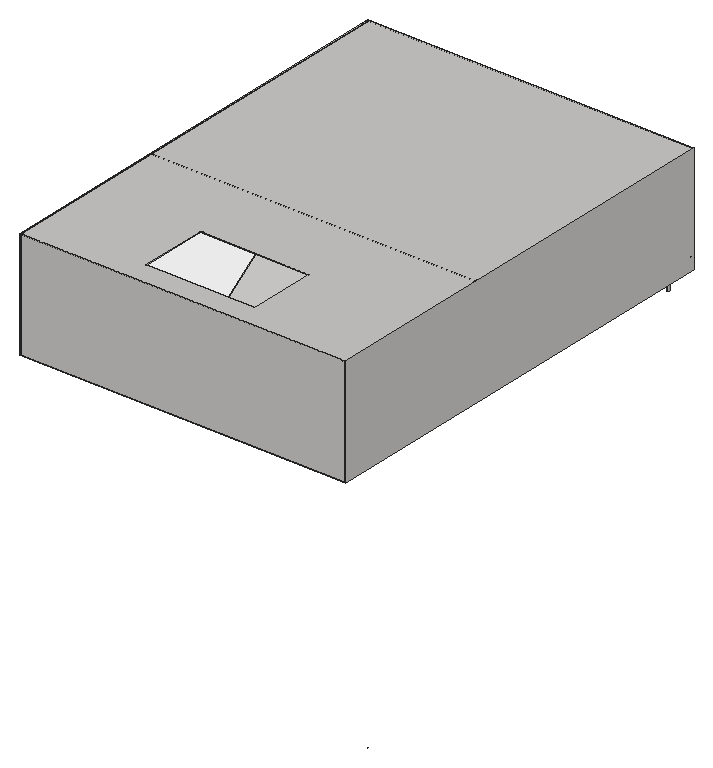
Revit family "QF_ELECTROLUXPROFESSIONAL_641233_EPF1612", category Specialty Equipment, Revit 2014
Reference planes
  plane 1: z = 0
  plane 2 "Center (Left/Right)": x = 150
  plane 3 "LEFT": x = -450
  plane 4 "RIGHT": x = 750
  plane 5 "BACK": y = 550
  plane 6 "TOP": z = 2400
  plane 7 "Base": z = 2000
  plane 8: z = 1970
  plane 9 "DrainY": y = 450
  plane 10: x = -447
  plane 11: y = -720
  plane 12: y = -970
  plane 13 "DrainX": x = 737
  plane 14 "AOLeft": x = -50
  plane 15 "AORight": x = 350
  plane 16: x = 747
  plane 17: x = -250
  plane 18: x = 550
  plane 19: through (0, -449.6, 2399.19) normal (0, -0.5736, 0.8192)
  plane 20: x = 50
  plane 21: x = 250
  plane 22 "Center (Front/Back)": y = -250
  plane 23 "Front": y = -1050
Forms (mm)
  Extrusion 1, solid, material "QF_Finishes_Stainless Steel"
    sketch origin (-450, 0, 360) x (0, 1, 0) y (0, 0, 1)
      loop
        line (550, 1640) -> (550, 2040) -> (-1050, 2040) -> (-1050, 1640) -> (550, 1640)
    from 0 to 3
  Extrusion 2, solid, material "QF_Finishes_Stainless Steel"
    sketch origin (750, 0, 360) x (0, 1, 0) y (0, 0, 1)
      loop
        line (550, 1640) -> (550, 2040) -> (-1050, 2040) -> (-1050, 1640) -> (550, 1640)
    from 0 to -3
  Extrusion 3, solid, material "QF_Finishes_Stainless Steel"
    sketch origin (150, 0, 360) x (0, 1, 0) y (0, 0, 1)
      loop
        line (-1050, 2040) -> (-1050, 1640) -> (-1040, 1640) -> (-1040, 1640.8) -> (-1049.2, 1640.8) -> (-1049.2, 2039.19) -> (549.2, 2039.19) -> (549.2, 1640.8) -> (540, 1640.8) -> (540, 1640) -> (550, 1640) -> (550, 2040) -> (-1050, 2040)
    from -600 to 600
  Extrusion 4, solid, material "QF_Finishes_Stainless Steel"
    sketch origin (0, 0, 2000) x (0, 1, 0) y (-1, 0, 0)
      loop
        circle (450, -737) r 4.763
    from -30 to 0
  Extrusion 5, void
    sketch origin (0, 0, 2400) x (0, 1, 0) y (-1, 0, 0)
      loop
        line (-720, -350) -> (-720, 50) -> (-970, 50) -> (-970, -350) -> (-720, -350)
    from 0 to -10
  Extrusion 6, solid, material "QF_Finishes_Stainless Steel"
    sketch origin (0, 0, 0) x (1, 0, 0) y (0, 1, 0)
      loop
        line (-450, 550) -> (-450, 549) -> (-449, 549) -> (-449, 550) -> (-450, 550)
    from 0 to 1
  Extrusion 7, solid, material "QF_Finishes_Stainless Steel"
    sketch origin (150, 0, 360) x (0, 1, 0) y (0, 0, 1)
      loop
        line (-531.515, 1981.832) -> (-534.381, 1985.926) -> (-973.276, 1678.608) -> (-970.553, 1674.415) -> (-531.515, 1981.832)
    from -400 to -597
  Extrusion 8, solid, material "QF_Finishes_Stainless Steel"
    sketch origin (150, 0, 360) x (0, 1, 0) y (0, 0, 1)
      loop
        line (-1050, 2039.19) -> (-1050, 1640) -> (-1019.702, 1640) -> (-970.553, 1674.415) -> (-978.723, 1686.995) -> (-979.394, 1686.559) -> (-971.645, 1674.627) -> (-1019.955, 1640.8) -> (-1049.2, 1640.8) -> (-1049.2, 2039.19) -> (-1050, 2039.19)
      loop
        line (-449.6, 2039.19) -> (-450.995, 2039.19) -> (-531.319, 1982.947) -> (-539.464, 1994.578) -> (-540.119, 1994.12) -> (-531.515, 1981.832) -> (-449.6, 2039.19)
    from -597 to 597
  Extrusion 9, solid, material "QF_Finishes_Stainless Steel"
    sketch origin (150, 0, 360) x (0, 1, 0) y (0, 0, 1)
      loop
        line (-531.515, 1981.832) -> (-534.381, 1985.926) -> (-973.276, 1678.608) -> (-970.553, 1674.415) -> (-531.515, 1981.832)
    from 597 to 400
  Extrusion 10, solid, material "QF_Finishes_Stainless Steel"
    sketch origin (150, 0, 360) x (0, 1, 0) y (0, 0, 1)
      loop
        line (-531.515, 1981.832) -> (-534.381, 1985.926) -> (-973.276, 1678.608) -> (-970.553, 1674.415) -> (-531.515, 1981.832)
    from -100 to 100
  Extrusion 11, solid, material "QF_Finished_Chrome"
    sketch origin (150, 0, 360) x (0, 1, 0) y (0, 0, 1)
      loop
        line (-531.515, 1981.832) -> (-534.381, 1985.926) -> (-973.276, 1678.608) -> (-970.553, 1674.415) -> (-531.515, 1981.832)
    from -400 to -100
  Extrusion 12, solid, material "QF_Finished_Chrome"
    sketch origin (150, 0, 360) x (0, 1, 0) y (0, 0, 1)
      loop
        line (-531.515, 1981.832) -> (-534.381, 1985.926) -> (-973.276, 1678.608) -> (-970.553, 1674.415) -> (-531.515, 1981.832)
    from 100 to 400
  Sweep 13, solid, material "QF_Finishes_Stainless Steel"
    path origin (0, 0, 0) x (1, 0, 0) y (0, 1, 0)
      loop
        line (750, 550) -> (-450, 550) -> (-450, -1050) -> (750, -1050) -> (750, 550)
    profile origin (750, -250, 0) x (1, 0, 0) y (0, 0, 1)
      loop
        line (-3, 2000) -> (-3, 2000.8) -> (-19, 2000.8) -> (-19, 2010) -> (-20, 2010) -> (-20, 2000) -> (-3, 2000)
  Extrusion 14, solid, material "QF_Finishes_Stainless Steel"
    sketch origin (150, 0, 0) x (0, 1, 0) y (0, 0, 1)
      loop
        line (108.687, 2305.487) -> (549.2, 2040.8) -> (549.2, 2041.733) -> (109.285, 2306.061) -> (-443.438, 2399.19) -> (-445.739, 2399.19) -> (108.687, 2305.487)
    from -597 to 597
Cuts and joins
  Extrusion 5 cuts Extrusion 3
  joined: Extrusion 2, Extrusion 3, Sweep 13
Lines and regions (mm)
  symbolic lines, style "SpecialityEquipment", detail levels coarse
    curve 1: line (750, 550, 2400) -> (-450, 550, 2400)
    curve 2: line (-450, 550, 2400) -> (-450, -1050.8, 2400)
    curve 3: line (750, -1050.8, 2400) -> (750, 550, 2400)
    curve 4: line (350, -970, 2400) -> (-50, -970, 2400)
    curve 5: line (350, -720, 2400) -> (350, -970, 2400)
    curve 6: line (-50, -720, 2400) -> (350, -720, 2400)
    curve 7: line (-50, -970, 2400) -> (-50, -720, 2400)
    curve 8: line (-450, 550, 0) -> (750, -1050, 0)
    curve 9: line (750, 550, 0) -> (-450, -1050, 0)
  symbolic lines, detail levels coarse
    curve 10: line (-450, -1050, 0) -> (750, -1050, 0)
    curve 11: line (-50, -720, 0) -> (-50, -970, 0)
    curve 12: line (350, -720, 0) -> (-50, -720, 0)
    curve 13: line (350, -970, 0) -> (350, -720, 0)
    curve 14: line (-50, -970, 0) -> (350, -970, 0)
Dimensions and locks
  plane 3 "LEFT" to plane 4 "RIGHT" = 1200 mm
  equal spacing: plane 3 "LEFT", plane 2 "Center (Left/Right)", plane 4 "RIGHT"
  plane 7 "Base" to plane 8 = 30 mm
  plane 5 "BACK" to plane 9 "DrainY" = 100 mm  (x2)
  plane 3 "LEFT" to plane 10 = 3 mm
  plane 13 "DrainX" to plane 4 "RIGHT" = 13 mm
  plane 16 to plane 4 "RIGHT" = 3 mm
  plane 3 "LEFT" to plane 17 = 200 mm
  plane 18 to plane 4 "RIGHT" = 200 mm
  locked: plane 14 "AOLeft" to plane 15 "AORight" at 400
  equal spacing: plane 14 "AOLeft", plane 2 "Center (Left/Right)", plane 15 "AORight"
  locked: plane 7 "Base" to level at 2000
  locked: plane 6 "TOP" to plane 7 "Base" at 400
  locked: plane 20 to plane 21 at 200
  equal spacing: plane 20, plane 2 "Center (Left/Right)", plane 21
  locked: plane 11 to plane 12 at 250
  plane 5 "BACK" to plane 23 "Front" = 1600 mm  (x2)
  equal spacing: plane 5 "BACK", plane 22 "Center (Front/Back)", plane 23 "Front"
  plane 12 to plane 23 "Front" = 80 mm
  aligned and locked: level to plane 1
  aligned and locked: plane 4 "RIGHT" to Extrusion 3
  aligned and locked: Extrusion 3 to plane 3 "LEFT"
  aligned and locked: Extrusion 5 to plane 14 "AOLeft"
  aligned and locked: Extrusion 5 to plane 12
  aligned and locked: Extrusion 5 to plane 11
  aligned and locked: Extrusion 7 to plane 10
  aligned and locked: Extrusion 7 to plane 17
  aligned and locked: Extrusion 2 to plane 16
  aligned and locked: Extrusion 5 to plane 15 "AORight"
  aligned and locked: plane 15 "AORight" to curve 5
  aligned and locked: plane 16 to Extrusion 9
  aligned and locked: plane 18 to Extrusion 9
  aligned and locked: Extrusion 10 to plane 21
  aligned and locked: Extrusion 10 to plane 20
  aligned and locked: Extrusion 11 to plane 20
  aligned and locked: plane 17 to Extrusion 11
  aligned and locked: Extrusion 12 to plane 21
  aligned and locked: Extrusion 12 to plane 18
  aligned and locked: Extrusion 14 to plane 10
  aligned and locked: plane 16 to Extrusion 14
  aligned and locked: Extrusion 8 to plane 10
  aligned and locked: Extrusion 8 to plane 16
  aligned and locked: Extrusion 1 to plane 23 "Front"
Automatic sketch dimensions
  curve 2 to plane 3 "LEFT" = 0 mm
  curve 4 to plane 12 = 0 mm
  plane 11 to curve 6 = 0 mm
  curve 2 to plane 5 "BACK" = 0 mm
  curve 4 to plane 14 "AOLeft" = 0 mm
  Extrusion 1 sketch curve to plane 7 "Base" = 0 mm
  Extrusion 1 sketch curve to plane 5 "BACK" = 0 mm
  Extrusion 1 sketch curve to plane 6 "TOP" = 0 mm
  Extrusion 2 sketch curve to plane 7 "Base" = 0 mm
  Extrusion 2 sketch curve to plane 5 "BACK" = 0 mm
  Extrusion 2 sketch curve to plane 6 "TOP" = 0 mm
  Extrusion 3 sketch curve to plane 6 "TOP" = 0 mm
  Extrusion 3 sketch curve to plane 7 "Base" = 0 mm  (x2)
  Extrusion 3 sketch curve to plane 5 "BACK" = 0 mm
  Extrusion 3 sketch curve to Extrusion 3 sketch curve = 9.2 mm
  plane 7 "Base" to Extrusion 3 sketch curve = 0.8 mm  (x2)
  Extrusion 3 sketch curve to plane 5 "BACK" = 10 mm
  Extrusion 3 sketch curve to plane 5 "BACK" = 0.8 mm
  Extrusion 3 sketch curve to plane 6 "TOP" = 0.81 mm
  Extrusion 4 sketch curve to plane 9 "DrainY" = 0 mm
  Extrusion 4 sketch curve to plane 13 "DrainX" = 0 mm
  Extrusion 5 sketch curve to plane 12 = 0 mm
  plane 11 to Extrusion 5 sketch curve = 0 mm
  Extrusion 5 sketch curve to plane 15 "AORight" = 0 mm
  Extrusion 5 sketch curve to plane 14 "AOLeft" = 0 mm
  Extrusion 6 sketch curve to plane 3 "LEFT" = 0 mm
  Extrusion 6 sketch curve to plane 5 "BACK" = 0 mm
  plane 3 "LEFT" to Extrusion 6 sketch curve = 1 mm
  Extrusion 6 sketch curve to Extrusion 6 sketch curve = 1 mm
  Extrusion 7 sketch curve to plane 19 = 0 mm  (x2)
  plane 7 "Base" to Extrusion 7 sketch curve = 34.415 mm
  Extrusion 7 sketch curve to plane 6 "TOP" = 54.074 mm
  Extrusion 8 sketch curve to plane 7 "Base" = 0 mm
  plane 19 to Extrusion 8 sketch curve = 0 mm  (x4)
  Extrusion 8 sketch curve to Extrusion 8 sketch curve = 0.252 mm
  Extrusion 8 sketch curve to Extrusion 8 sketch curve = 40.561 mm
  plane 7 "Base" to Extrusion 8 sketch curve = 46.995 mm
  Extrusion 8 sketch curve to Extrusion 8 sketch curve = 0.671 mm
  plane 7 "Base" to Extrusion 8 sketch curve = 34.627 mm
  Extrusion 8 sketch curve to Extrusion 8 sketch curve = 7.749 mm
  Extrusion 8 sketch curve to plane 6 "TOP" = 45.88 mm
  Extrusion 8 sketch curve to plane 6 "TOP" = 45.422 mm
  Extrusion 8 sketch curve to plane 6 "TOP" = 57.053 mm
  Extrusion 8 sketch curve to plane 6 "TOP" = 0.81 mm  (x2)
  plane 7 "Base" to Extrusion 8 sketch curve = 0.8 mm
  Extrusion 9 sketch curve to plane 19 = 0 mm  (x2)
  plane 7 "Base" to Extrusion 9 sketch curve = 34.415 mm
  Extrusion 9 sketch curve to plane 6 "TOP" = 54.074 mm
  Extrusion 10 sketch curve to plane 19 = 0 mm  (x2)
  plane 7 "Base" to Extrusion 10 sketch curve = 34.415 mm
  Extrusion 10 sketch curve to plane 6 "TOP" = 54.074 mm
  Extrusion 11 sketch curve to plane 19 = 0 mm  (x2)
  plane 7 "Base" to Extrusion 11 sketch curve = 34.415 mm
  Extrusion 11 sketch curve to plane 6 "TOP" = 54.074 mm
  Extrusion 12 sketch curve to plane 19 = 0 mm  (x2)
  plane 7 "Base" to Extrusion 12 sketch curve = 34.415 mm
  Extrusion 12 sketch curve to plane 6 "TOP" = 54.074 mm
  Sweep 13 sketch curve to plane 3 "LEFT" = 0 mm
  Sweep 13 sketch curve to plane 4 "RIGHT" = 0 mm
  Sweep 13 sketch curve to plane 5 "BACK" = 0 mm
  profile plane to Sweep 13 sketch curve = 20 mm
  Sweep 13 sketch curve to Sweep 13 sketch curve = 1 mm
  profile plane to Sweep 13 sketch curve = 3 mm
  level to Sweep 13 sketch curve = 2000 mm
  Sweep 13 sketch curve to Sweep 13 sketch curve = 0.8 mm
  Sweep 13 sketch curve to Sweep 13 sketch curve = 9.2 mm
  Extrusion 7 sketch curve to plane 11 = 185.619 mm
  Extrusion 8 sketch curve to Extrusion 8 sketch curve = 90.519 mm
  Extrusion 9 sketch curve to plane 11 = 185.619 mm
  Extrusion 10 sketch curve to plane 11 = 185.619 mm
  Extrusion 11 sketch curve to plane 11 = 185.619 mm
  Extrusion 12 sketch curve to plane 11 = 185.619 mm
  Extrusion 1 sketch curve to plane 12 = 80 mm
  Extrusion 2 sketch curve to plane 12 = 80 mm
  Extrusion 3 sketch curve to plane 12 = 70 mm
  Extrusion 3 sketch curve to Extrusion 3 sketch curve = 0.8 mm
  Extrusion 7 sketch curve to plane 12 = 3.276 mm
  Extrusion 8 sketch curve to plane 12 = 79.2 mm
  Extrusion 8 sketch curve to Extrusion 8 sketch curve = 0.8 mm
  Extrusion 9 sketch curve to plane 12 = 3.276 mm
  Extrusion 10 sketch curve to plane 12 = 3.276 mm
  Extrusion 11 sketch curve to plane 12 = 3.276 mm
  Extrusion 12 sketch curve to plane 12 = 3.276 mm
  Sweep 13 sketch curve to plane 12 = 80 mm
  Extrusion 14 sketch curve to plane 6 "TOP" = 0.81 mm
  Extrusion 14 sketch curve to plane 22 "Center (Front/Back)" = 195.739 mm
  Extrusion 14 sketch curve to Extrusion 14 sketch curve = 2.3 mm
  Extrusion 14 sketch curve to plane 6 "TOP" = 94.513 mm
  Extrusion 14 sketch curve to plane 9 "DrainY" = 341.313 mm
  Extrusion 14 sketch curve to plane 6 "TOP" = 93.939 mm
  Extrusion 14 sketch curve to Extrusion 14 sketch curve = 0.598 mm
  Extrusion 14 sketch curve to plane 5 "BACK" = 0.8 mm
  plane 7 "Base" to Extrusion 14 sketch curve = 40.8 mm
  Extrusion 14 sketch curve to Extrusion 14 sketch curve = 0.933 mm
  curve 3 to plane 4 "RIGHT" = 0 mm
  curve 3 to plane 23 "Front" = 0.8 mm
  curve 2 to plane 23 "Front" = 0.8 mm
  curve 10 to plane 3 "LEFT" = 0 mm
  curve 8 to plane 3 "LEFT" = 0 mm
  curve 9 to plane 4 "RIGHT" = 0 mm
  curve 10 to plane 4 "RIGHT" = 0 mm
  curve 8 to plane 23 "Front" = 0 mm
  curve 9 to plane 5 "BACK" = 0 mm
  curve 8 to plane 5 "BACK" = 0 mm
  plane 11 to curve 11 = 0 mm
  curve 11 to plane 14 "AOLeft" = 0 mm
  curve 12 to plane 15 "AORight" = 0 mm
  curve 13 to plane 12 = 0 mm
  radius of Extrusion 4 sketch curve = 4.763 mm
Connectors
  piping at (737, 450, 1970), diameter 9.5
    settings: on Extrusion 4, index 1, connector inside diameter 609.6 mm, connector length 0 mm, flow factor 0, pipe flow 0.0 L/s, pressure drop 0.0 Pa, fitting loss kfactor 0, connector angle 0.00°, fixture units 0, engagement length 0 mm, angle of deflection 0.00°, flow configuration 1, flow direction 2, fitting loss method 0, system type 16, joint type 0, gender type 0, connector reference index -1, connector utility 0, adjustable connector no, is connector primary yes, connector description "Drain"
  hvac at (150, -845, 2400)
    settings: on Extrusion 5, index 2, duct flow 0.0 L/s, flow factor 0, pres drop 0.0 Pa, loss coef 0, conn angle 0.00°, conn width 250 mm, conn height 400 mm, conn diameter 609.6 mm, duct sys type 3, conn prof type 1, flow config 1, flow direction 0, loss method 0, conn ref index -1, conn util no, is conn primary yes, conn desc "EXHAUST OUTLET"
